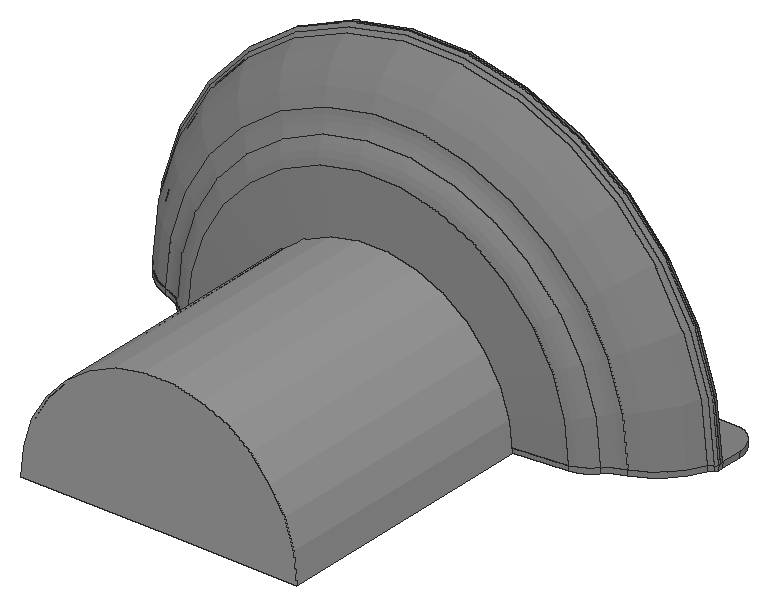
Revit family "Washfountain_3_Staion-Willoughby-WAF-5403-FLR-JR", category Plumbing Fixtures, Revit 2015
Parameters (values of type "Standard")
  water line = Copper
  Waste Connection = no
  Vent Connection = no
  URL = "https://www.willoughby-ind.com/wp-content/uploads/2018/01/WAF-5404.pdf"
  Type Comments = ""
  Solid Surface Sink = Solid Surface Acrylic Resin-Willoughby
  Revision = "A"
  Model = "WAF-5403-FLR-JR"
  Manufacturer = "Willoughby Industries"
  Lav Waste DIA = 1 1/2"
  Lav Waste Connection = yes
  LAV HW DIA = 1/2"
  LAV CW DIA = 1/2"
  HW Connection = yes
  Fixture Body = Stainless Steel AISI 304-Willoughby
  Description = "Floor Mounted 3 Station Washfountain, Floor Mounted, Junior Height"
  Default Elevation = 0' - 0"
  Contact = "(800) 428-4065"
  CW Connection = yes
Reference planes (in)
  plane 1 "Center (Front/Back)Floor HGT": y = 0
  plane 2: z = 0
  plane 3 "Center (Left/Right)": x = 0
  plane 4 "unit body HGT": y = 39
  plane 5: y = 39.5
  plane 6 "Sink HGT": y = 34
  plane 7 "Base HGT": y = 9.5
  plane 8 "Sink Drain": y = 19.5
  plane 9 "Bottom Of Bowl": y = 25.5
  plane 10: x = -6.845
  plane 11: x = 6.845
  plane 12: x = -27
  plane 13: z = 27
  plane 14 "Splash Face": z = 0.5
  plane 15: z = 13.25
  plane 16: x = -13.25
  plane 17: x = 13.25
  plane 18 "Water Supply": y = 18.5
  plane 19 "Hot Supply": x = 4
  plane 20 "Cold Supply": x = 8
  plane 21 "bubbler HGT": y = 35.66
  plane 22: y = 14.75
  plane 23: x = -9.5
  plane 24: x = 9.5
Forms (in)
  Extrusion 1, solid, material "Solid Surface Acrylic Resin-Willoughby" <- "Solid Surface Sink"
    sketch origin (0, 0, 0) x (1, 0, 0) y (0, 1, 0)
      loop
        line (-6.845, 25.5) -> (6.845, 25.5) -> (11.52413, 25.68856)
        arc (11.52413, 25.68856) -> (14.92598, 25.93546) -> (18.30491, 26.40063) r 53.01
        arc (18.30491, 26.40063) -> (19.41375, 26.83168) -> (20.31491, 27.60836) r 3.51
        arc (20.31491, 27.60836) -> (21.16213, 28.2452) -> (22.16491, 28.58836) r 3.38
        arc (22.16491, 28.58836) -> (24.73032, 30.26295) -> (26.40491, 32.82836) r 7.45
        arc (26.40491, 32.82836) -> (26.54572, 33.0411) -> (26.75847, 33.18191) r 0.63983
        arc (26.75847, 33.18191) -> (26.93397, 33.32403) -> (27, 33.54) r 0.38621
        line (27, 33.54) -> (27, 34) -> (27, 36)
        arc (27, 36) -> (26.12132, 38.12132) -> (24, 39) r 3
        line (24, 39) -> (0, 39) -> (-24, 39)
        arc (-24, 39) -> (-26.12132, 38.12132) -> (-27, 36) r 3
        line (-27, 36) -> (-27, 34) -> (-27, 33.54)
        arc (-27, 33.54) -> (-26.93397, 33.32403) -> (-26.75847, 33.18191) r 0.38621
        arc (-26.75847, 33.18191) -> (-26.54572, 33.0411) -> (-26.40491, 32.82836) r 0.63983
        arc (-26.40491, 32.82836) -> (-24.73032, 30.26295) -> (-22.16491, 28.58836) r 7.45
        arc (-22.16491, 28.58836) -> (-21.16213, 28.2452) -> (-20.31491, 27.60836) r 3.38
        arc (-20.31491, 27.60836) -> (-19.41375, 26.83168) -> (-18.30491, 26.40063) r 3.51
        arc (-18.30491, 26.40063) -> (-14.92598, 25.93546) -> (-11.52413, 25.68856) r 53.01
        line (-11.52413, 25.68856) -> (-6.845, 25.5)
    from 0 to 0.5
  Revolve 2, solid, material "Solid Surface Acrylic Resin-Willoughby" <- "Solid Surface Sink"
    sketch origin (0, 0, 0.5) x (1, 0, 0) y (0, 1, 0)
      loop
        line (27, 33.54) -> (27, 33.75)
        arc (27, 33.75) -> (26.92678, 33.92678) -> (26.75, 34) r 0.25
        arc (26.75, 34) -> (26.59277, 33.93487) -> (26.52764, 33.77764) r 0.22236
        arc (26.52764, 33.77764) -> (26.51299, 33.66399) -> (26.43525, 33.57981) r 0.1886
        arc (26.43525, 33.57981) -> (26.14057, 33.33951) -> (25.94132, 33.01566) r 1.13983
        arc (25.94132, 33.01566) -> (24.38046, 30.64844) -> (22.02426, 29.07099) r 7.17314
        arc (22.02426, 29.07099) -> (20.89405, 28.6688) -> (19.94072, 27.94059) r 3.88
        arc (19.94072, 27.94059) -> (19.16738, 27.26699) -> (18.21278, 26.89214) r 3.01
        arc (18.21278, 26.89214) -> (14.86971, 26.4323) -> (11.504, 26.18815) r 52.51
        line (11.504, 26.18815) -> (6.83493, 26) -> (0, 26) -> (0, 25.5) -> (6.845, 25.5) -> (11.52413, 25.68856)
        arc (11.52413, 25.68856) -> (14.92598, 25.93546) -> (18.30491, 26.40063) r 53.01
        arc (18.30491, 26.40063) -> (19.41375, 26.83168) -> (20.31491, 27.60836) r 3.51
        arc (20.31491, 27.60836) -> (21.16213, 28.2452) -> (22.16491, 28.58836) r 3.38
        arc (22.16491, 28.58836) -> (24.71623, 30.27704) -> (26.40491, 32.82836) r 7.67314
        arc (26.40491, 32.82836) -> (26.54572, 33.0411) -> (26.75847, 33.18191) r 0.63983
        arc (26.75847, 33.18191) -> (26.93397, 33.32403) -> (27, 33.54) r 0.38621
      axis (0, 34) -> (0, 25.5)
    angle from 0 to -180
  Extrusion 3, solid, material "Solid Surface Acrylic Resin-Willoughby" <- "Solid Surface Sink", detail levels medium+fine
    sketch origin (0, 39, 0) x (-1, 0, 0) y (0, 0, 1)
      loop
        line (0, 0) -> (6.75, 0) -> (6.75, 1.57) -> (5.04, 7.48)
        arc (5.04, 7.48) -> (4.17688, 8.92892) -> (2.59, 9.5) r 2.5
        line (2.59, 9.5) -> (0, 9.5) -> (-2.59, 9.5)
        arc (-2.59, 9.5) -> (-4.17688, 8.92892) -> (-5.04, 7.48) r 2.5
        line (-5.04, 7.48) -> (-6.75, 1.57) -> (-6.75, 0) -> (0, 0)
    from 0 to 0.5
  Extrusion 4, solid, material "Solid Surface Acrylic Resin-Willoughby" <- "Solid Surface Sink", detail levels medium+fine
    sketch origin (0, 39, 0) x (-1, 0, 0) y (0, 0, 1)
      loop
        line (-6.2697, 1.43103) -> (-6.2697, 0) -> (6.2697, 0) -> (6.2697, 1.43103) -> (4.5597, 7.34103)
        arc (4.5597, 7.34103) -> (3.82653, 8.46933) -> (2.59, 9) r 2.31723
        line (2.59, 9) -> (0, 9) -> (-2.59, 9)
        arc (-2.59, 9) -> (-3.82653, 8.46933) -> (-4.5597, 7.34103) r 2.31723
        line (-4.5597, 7.34103) -> (-6.2697, 1.43103)
    from 0 to -5
  Revolve 5, solid, material "Stainless Steel AISI 304-Willoughby" <- "Fixture Body"
    sketch origin (0, 0, 0) x (1, 0, 0) y (0, 1, 0)
      loop
        line (-13.25, 25.79323) -> (-13.25, 0) -> (0, 0) -> (0, 0.1277) -> (-13.125, 0.1277) -> (-13.125, 25.79323) -> (-13.25, 25.79323)
      axis (0, 25.79323) -> (0, 0)
    angle from 0 to -180
  Revolve 6, solid, material "Stainless Steel AISI 304-Willoughby" <- "Fixture Body", detail levels medium+fine
    sketch origin (0, 19.5, 0) x (-1, 0, 0) y (0, 0, 1)
      loop
        line (0, 0) -> (0.75, 0) -> (0.75, 3) -> (0, 3) -> (0, 0)
      axis (0, 3) -> (0, 0)
    angle from 0 to 360
  Revolve 7, solid, material "Copper" <- "water line", detail levels medium+fine
    sketch origin (0, 18.5, 0) x (-1, 0, 0) y (0, 0, 1)
      loop
        line (-4, 0) -> (-3.75, 0) -> (-3.75, 3) -> (-4, 3) -> (-4, 0)
      axis (-4, 3) -> (-4, 0)
    angle from 0 to 360
  Revolve 8, solid, material "Copper" <- "water line", detail levels medium+fine
    sketch origin (0, 18.5, 0) x (-1, 0, 0) y (0, 0, 1)
      loop
        line (-8, 0) -> (-7.75, 0) -> (-7.75, 3) -> (-8, 3) -> (-8, 0)
      axis (-8, 3) -> (-8, 0)
    angle from 0 to 360
  Revolve 9, solid, material "Stainless Steel AISI 304-Willoughby" <- "Fixture Body", detail levels fine
    sketch origin (0, 35.66, 0) x (-1, 0, 0) y (0, 0, 1)
      loop
        line (0, 9) -> (0.75, 9) -> (0.75, 9.5)
        arc (0.75, 9.5) -> (0.53033, 10.03033) -> (0, 10.25) r 0.75
        line (0, 10.25) -> (0, 9)
      axis (0, 10.25) -> (0, 9)
    angle from 0 to 360
  Revolve 10, solid, material "Stainless Steel AISI 304-Willoughby" <- "Fixture Body", detail levels fine
    sketch origin (0, 0, 0) x (0, 1, 0) y (0, 0, 1)
      loop
        line (34.91, 9.5) -> (35.26355, 9.85355) -> (34.91, 10.20711) -> (34.55645, 9.85355) -> (34.91, 9.5)
      axis (34.91, 10.20711) -> (35.26355, 9.85355)
    angle from 0 to 360
  Revolve 11, solid, material "Stainless Steel AISI 304-Willoughby" <- "Fixture Body", detail levels fine
    sketch origin (-3.23665, 35.66, 1.90529) x (-0.275637, 0, 0.961262) y (0.961262, 0, 0.275637)
      loop
        line (0, 9) -> (0.75, 9) -> (0.75, 9.5)
        arc (0.75, 9.5) -> (0.53033, 10.03033) -> (0, 10.25) r 0.75
        line (0, 10.25) -> (0, 9)
      axis (0, 10.25) -> (0, 9)
    angle from 0 to 360
  Revolve 12, solid, material "Stainless Steel AISI 304-Willoughby" <- "Fixture Body", detail levels fine
    sketch origin (-3.23665, 0, 1.90529) x (0, 1, 0) y (0.961262, 0, 0.275637)
      loop
        line (34.91, 9.5) -> (35.26355, 9.85355) -> (34.91, 10.20711) -> (34.55645, 9.85355) -> (34.91, 9.5)
      axis (34.91, 10.20711) -> (35.26355, 9.85355)
    angle from 0 to 360
  Revolve 13, solid, material "Stainless Steel AISI 304-Willoughby" <- "Fixture Body", detail levels fine
    sketch origin (3.23665, 35.66, 1.90529) x (0.275637, 0, 0.961262) y (-0.961262, 0, 0.275637)
      loop
        line (0, 9) -> (0.75, 9) -> (0.75, 9.5)
        arc (0.75, 9.5) -> (0.53033, 10.03033) -> (0, 10.25) r 0.75
        line (0, 10.25) -> (0, 9)
      axis (0, 10.25) -> (0, 9)
    angle from 0 to 360
  Revolve 14, solid, material "Stainless Steel AISI 304-Willoughby" <- "Fixture Body", detail levels fine
    sketch origin (3.23665, 0, 1.90529) x (0, 1, 0) y (0.961262, 0, -0.275637)
      loop
        line (34.91, -9.5) -> (34.55645, -9.85355) -> (34.91, -10.20711) -> (35.26355, -9.85355) -> (34.91, -9.5)
      axis (34.91, -10.20711) -> (35.26355, -9.85355)
    angle from 0 to 360
Lines and regions (in)
  symbolic lines
    curve 1: line (-13.25, 25.79323, 0) -> (-13.25, 14.74961, 0)
    curve 2: line (-13.25, 14.74961, 0) -> (13.25, 14.74961, 0)
    curve 3: line (13.25, 14.74961, 0) -> (13.25, 25.79323, 0)
    curve 4: arc (13.25, 25.79323, 0) -> (14.81145, 25.92524, 0) -> (16.36623, 26.12076, 0) r 38.45379
    curve 5: arc (16.36623, 26.12076, 0) -> (17.32316, 26.24841, 0) -> (18.27648, 26.40063, 0) r 37.51632
    curve 6: arc (18.27648, 26.40063, 0) -> (19.40672, 26.8171, 0) -> (20.31491, 27.60836, 0) r 3.33054
    curve 7: arc (20.31491, 27.60836, 0) -> (21.16213, 28.2452, 0) -> (22.16491, 28.58836, 0) r 3.38
    curve 8: arc (22.16491, 28.58836, 0) -> (24.71623, 30.27704, 0) -> (26.40491, 32.82836, 0) r 7.67314
    curve 9: arc (26.40491, 32.82836, 0) -> (26.54572, 33.0411, 0) -> (26.75847, 33.18191, 0) r 0.63983
    curve 10: arc (26.75847, 33.18191, 0) -> (26.93397, 33.32403, 0) -> (27, 33.54, 0) r 0.38621
    curve 11: line (27, 33.54, 0) -> (27, 33.75, 0)
    curve 12: arc (27, 33.75, 0) -> (26.92678, 33.92678, 0) -> (26.75, 34, 0) r 0.25
    curve 14: line (-27, 33.75, 0) -> (-27, 33.54, 0)
    curve 15: arc (-27, 33.54, 0) -> (-26.93397, 33.32403, 0) -> (-26.75847, 33.18191, 0) r 0.38621
    curve 16: arc (-26.75847, 33.18191, 0) -> (-26.54572, 33.0411, 0) -> (-26.40491, 32.82836, 0) r 0.63983
    curve 17: arc (-26.40491, 32.82836, 0) -> (-24.71623, 30.27704, 0) -> (-22.16491, 28.58836, 0) r 7.67314
    curve 18: arc (-22.16491, 28.58836, 0) -> (-21.16213, 28.2452, 0) -> (-20.31491, 27.60836, 0) r 3.38
    curve 19: arc (-20.31491, 27.60836, 0) -> (-19.41375, 26.83168, 0) -> (-18.30491, 26.40063, 0) r 3.51
    curve 20: arc (-18.30491, 26.40063, 0) -> (-15.78528, 26.03184, 0) -> (-13.25, 25.79323, 0) r 49.45833
    curve 21: line (-13.25, 25.79323, 0) -> (13.25, 25.79323, 0)
    curve 22: line (-27, 33.75, 0) -> (-27, 36, 0)
    curve 23: arc (-27, 36, 0) -> (-26.12132, 38.12132, 0) -> (-24, 39, 0) r 3
    curve 24: line (-24, 39, 0) -> (24, 39, 0)
    curve 25: arc (24, 39, 0) -> (26.12132, 38.12132, 0) -> (27, 36, 0) r 3
    curve 26: line (27, 36, 0) -> (27, 33.75, 0)
    curve 29: line (6.2697, 39, 0) -> (6.75, 39, 0)
    curve 30: line (6.75, 39.5, 0) -> (-6.75, 39.5, 0)
    curve 31: line (-6.75, 39.5, 0) -> (-6.75, 39, 0)
    curve 36: line (0, 14.74961, 0) -> (0, 14.74961, 13.25)
    curve 37: line (0, 14.74961, 13.25) -> (0, 25.75, 13.25)
    curve 38: arc (0, 25.75, 13.25) -> (0, 26.01168, 16.03491) -> (0, 26.40063, 18.80491) r 61.05831
    curve 39: arc (0, 26.40063, 18.80491) -> (0, 26.81192, 19.92562) -> (0, 27.60836, 20.81491) r 3.17176
    curve 40: arc (0, 27.60836, 20.81491) -> (0, 28.24513, 21.66216) -> (0, 28.58836, 22.66491) r 3.38151
    curve 41: arc (0, 28.58836, 22.66491) -> (0, 30.28272, 25.21633) -> (0, 32.83523, 26.90905) r 7.72708
    curve 42: arc (0, 32.83523, 26.90905) -> (0, 33.01009, 27.01646) -> (0, 33.14079, 27.17468) r 0.6256
    curve 43: arc (0, 33.14079, 27.17468) -> (0, 33.17429, 27.23751) -> (0, 33.20318, 27.30258) r 0.99038
    curve 44: arc (0, 33.20318, 27.30258) -> (0, 33.34154, 27.44497) -> (0, 33.53222, 27.50029) r 0.38807
    curve 45: line (0, 33.53222, 27.50029) -> (0, 33.76887, 27.50029)
    curve 46: arc (0, 33.76887, 27.50029) -> (0, 33.93547, 27.41789) -> (0, 34, 27.24359) r 0.25151
    curve 47: line (0, 34, 27.24359) -> (0, 34, 0.5)
    curve 48: line (0, 34, 0.5) -> (0, 39, 0.5)
    curve 49: line (0, 39, 0.5) -> (0, 39, 0)
    curve 50: line (0, 39, 0) -> (0, 14.74961, 0)
    curve 51: line (0, 25.5, 0) -> (0, 25.5, 7.345)
    curve 52: arc (0, 25.5, 7.345) -> (0, 25.60809, 10.29822) -> (0, 25.75, 13.25) r 257.93764
    curve 58: line (27, 35.66, 0) -> (27, 35.66, 0.5)
    curve 60: line (-27, 35.66, 0.5) -> (-27, 35.66, 0)
    curve 61: line (-27, 35.66, 0) -> (27, 35.66, 0)
    curve 62: arc (27, 35.66, 0.5) -> (0, 35.66, 27.5) -> (-27, 35.66, 0.5) r 27
    curve 70: line (6.75, 39.5, 0) -> (6.75, 39, 0)
    curve 71: line (-10.5, 14.74961, 0) -> (-10.5, 0, 0)
    curve 72: line (-10.5, 0, 0) -> (10.5, 0, 0)
    curve 73: line (10.5, 0, 0) -> (10.5, 14.74961, 0)
    curve 74: line (9.5, 14.74961, 0) -> (9.5, 0, 0)
    curve 75: line (-9.5, 14.74961, 0) -> (-9.5, 0, 0)
    curve 76: line (0, 14.74961, 9.5) -> (0, 0, 9.5)
    curve 77: line (0, 0, 9.5) -> (0, 0, 0)
    curve 78: line (0, 0, 0) -> (0, 14.74961, 0)
  symbolic lines, detail levels medium+fine
    curve 13: arc (-26.75, 34, 0) -> (-26.92678, 33.92678, 0) -> (-27, 33.75, 0) r 0.25
    curve 34: line (-26.75, 34, 0) -> (26.75, 34, 0)
    curve 35: arc (26.75, 34, 0) -> (26.92678, 33.92678, 0) -> (27, 33.75, 0) r 0.25
    curve 59: line (27, 35.66, 0.5) -> (-27, 35.66, 0.5)
  symbolic lines, detail levels fine
    curve 27: line (-6.2697, 34, 0) -> (-6.2697, 39, 0)
    curve 28: line (6.2697, 39, 0) -> (6.2697, 34, 0)
    curve 32: line (-2.61165, 34, 0) -> (-2.61165, 39, 0)
    curve 33: line (2.59, 34, 0) -> (2.59, 39, 0)
    curve 53: line (0, 39, 9.5) -> (0, 39.5, 9.5)
    curve 54: line (0, 39.5, 9.5) -> (0, 39.5, 0)
    curve 55: line (0, 39.5, 0) -> (0, 39, 0)
    curve 56: line (0, 39, 9.5) -> (0, 39, 0)
    curve 57: line (0, 34, 9) -> (0, 39, 9)
    curve 63: line (6.75, 35.66, 0.5) -> (6.75, 35.66, 1.57)
    curve 64: line (6.75, 35.66, 1.57) -> (5.04, 35.66, 7.48)
    curve 65: arc (5.04, 35.66, 7.48) -> (4.17688, 35.66, 8.92892) -> (2.59, 35.66, 9.5) r 2.5
    curve 66: line (2.59, 35.66, 9.5) -> (-2.59, 35.66, 9.5)
    curve 67: arc (-2.59, 35.66, 9.5) -> (-4.17768, 35.66, 8.92988) -> (-5.04, 35.66, 7.48) r 2.49577
    curve 68: line (-5.04, 35.66, 7.48) -> (-6.75, 35.66, 1.57)
    curve 69: line (-6.75, 35.66, 1.57) -> (-6.75, 35.66, 0)
Dimensions and locks (in)
  equal spacing: plane 10, plane 3 "Center (Left/Right)", plane 11
  plane 10 to plane 11 = 1' - 1.69"
  plane 12 to plane 3 "Center (Left/Right)" = 2' - 3"
  plane 1 "Center (Front/Back)Floor HGT" to plane 22 = 1' - 2 3/4"
  plane 1 "Center (Front/Back)Floor HGT" to plane 9 "Bottom Of Bowl" = 2' - 1 1/2"
  plane 1 "Center (Front/Back)Floor HGT" to plane 5 = 3' - 3 1/2"
  plane 1 "Center (Front/Back)Floor HGT" to plane 4 "unit body HGT" = 3' - 3"
  plane 1 "Center (Front/Back)Floor HGT" to plane 6 "Sink HGT" = 2' - 10"
  plane 23 to plane 24 = 1' - 7"
  plane 16 to plane 17 = 2' - 2 1/2"
  Extrusion 1 to Extrusion 1 = 4' - 6"
  aligned and locked: Revolve 5 sketch curve to Revolve 5 sketch curve  (x3)
  aligned and locked: Revolve 6 sketch curve to Revolve 6 sketch curve
  aligned and locked: Revolve 7 sketch curve to Revolve 7 sketch curve  (x2)
  aligned and locked: Revolve 8 sketch curve to Revolve 8 sketch curve  (x2)
  aligned and locked: Revolve 10 sketch curve to Revolve 10 sketch curve  (x3)
  aligned and locked: Revolve 12 sketch curve to Revolve 12 sketch curve  (x3)
  aligned and locked: Revolve 14 sketch curve to Revolve 14 sketch curve  (x3)
  aligned and locked: curve 56 to Extrusion 3
  aligned and locked: curve 70 to Extrusion 3
Automatic sketch dimensions
  Extrusion 1 sketch curve to plane 12 = 0' - 0"
  Extrusion 1 sketch curve to plane 4 "unit body HGT" = 0' - 0"
  Extrusion 1 sketch curve to plane 9 "Bottom Of Bowl" = 0' - 0"
  Extrusion 1 sketch curve to plane 10 = 0' - 0"
  Extrusion 1 sketch curve to plane 3 "Center (Left/Right)" = 0' - 0"
  Extrusion 1 sketch curve to plane 11 = 0' - 0"
  Extrusion 1 sketch curve to plane 6 "Sink HGT" = 0' - 0"  (x2)
  Extrusion 1 sketch curve to plane 12 = 0' - 0.00185"
  Extrusion 1 sketch curve to Extrusion 1 sketch curve = 0' - 0.38621"  (x2)
  plane 21 "bubbler HGT" to Extrusion 1 sketch curve = 0' - 0.34"
  Extrusion 1 sketch curve to plane 9 "Bottom Of Bowl" = 0' - 0.24161"  (x2)
  Extrusion 1 sketch curve to plane 12 = 0' - 4.25567"
  Extrusion 1 sketch curve to plane 21 "bubbler HGT" = 0' - 0.12911"  (x2)
  Extrusion 1 sketch curve to Extrusion 1 sketch curve = 0' - 4.53762"  (x2)
  plane 16 to Extrusion 1 sketch curve = 0' - 4.35597"
  plane 9 "Bottom Of Bowl" to Extrusion 1 sketch curve = 0' - 0.18856"  (x2)
  Extrusion 1 sketch curve to plane 16 = 0' - 1.72587"
  plane 10 to Extrusion 1 sketch curve = 0' - 2.54468"
  Extrusion 1 sketch curve to plane 20 "Cold Supply" = 0' - 1.38968"
  plane 17 to Extrusion 1 sketch curve = 0' - 1.72587"
  Extrusion 1 sketch curve to plane 17 = 0' - 4.35597"
  Extrusion 1 sketch curve to Extrusion 1 sketch curve = 0' - 1.85641"
  Extrusion 1 sketch curve to Extrusion 1 sketch curve = 0' - 5.13836"
  Extrusion 1 sketch curve to plane 6 "Sink HGT" = 0' - 0.46"  (x2)
  Extrusion 1 sketch curve to Extrusion 1 sketch curve = 0' - 2.61379"
  Extrusion 1 sketch curve to Extrusion 1 sketch curve = 0' - 0.38436"
  Extrusion 1 sketch curve to plane 6 "Sink HGT" = 0' - 4.15967"  (x2)
  Extrusion 1 sketch curve to Extrusion 1 sketch curve = 0' - 0.95132"
  Extrusion 1 sketch curve to plane 6 "Sink HGT" = 0' - 1.41132"
  plane 5 to Extrusion 1 sketch curve = 3' - 3.15557"
  Extrusion 1 sketch curve to Extrusion 1 sketch curve = 0' - 0"  (x2)
  Extrusion 1 sketch curve to Extrusion 1 sketch curve = 0' - 0.35355"  (x2)
  plane 9 "Bottom Of Bowl" to Extrusion 1 sketch curve = 0' - 3.08836"
  Extrusion 1 sketch curve to Extrusion 1 sketch curve = 0' - 1.85"  (x2)
  plane 9 "Bottom Of Bowl" to Extrusion 1 sketch curve = 0' - 0.90063"
  plane 9 "Bottom Of Bowl" to Extrusion 1 sketch curve = 0' - 2.10836"
  Revolve 2 sketch curve to Revolve 2 sketch curve = 0' - 0"  (x13)
  Revolve 2 sketch curve to plane 3 "Center (Left/Right)" = 0' - 0"  (x2)
  Revolve 2 sketch curve to plane 9 "Bottom Of Bowl" = 0' - 0"  (x2)
  Revolve 2 sketch curve to plane 11 = 0' - 0"
  Revolve 2 sketch curve to plane 6 "Sink HGT" = 0' - 0"  (x2)
  plane 11 to Revolve 2 sketch curve = 0' - 0.01007"
  Revolve 2 sketch curve to plane 20 "Cold Supply" = 0' - 1.38968"
  plane 9 "Bottom Of Bowl" to Revolve 2 sketch curve = 0' - 0.68815"
  plane 17 to Revolve 2 sketch curve = 0' - 1.746"
  plane 9 "Bottom Of Bowl" to Revolve 2 sketch curve = 0' - 0.18856"
  Revolve 2 sketch curve to Revolve 2 sketch curve = 0' - 0.02013"
  Revolve 2 sketch curve to plane 17 = 0' - 4.35597"
  plane 21 "bubbler HGT" to Revolve 2 sketch curve = 0' - 0.04277"
  Revolve 2 sketch curve to plane 17 = 0' - 6.04051"
  Revolve 2 sketch curve to plane 9 "Bottom Of Bowl" = 0' - 0.24161"
  Revolve 2 sketch curve to Revolve 2 sketch curve = 0' - 5.13836"
  Revolve 2 sketch curve to plane 6 "Sink HGT" = 0' - 0.2562"
  Revolve 2 sketch curve to Revolve 2 sketch curve = 0' - 7.0516"
  Revolve 2 sketch curve to Revolve 2 sketch curve = 0' - 0.27168"
  Revolve 2 sketch curve to Revolve 2 sketch curve = 0' - 0.13621"
  Revolve 2 sketch curve to Revolve 2 sketch curve = 0' - 0.38436"
  Revolve 2 sketch curve to Revolve 2 sketch curve = 0' - 0 1/4"
  plane 9 "Bottom Of Bowl" to Revolve 2 sketch curve = 0' - 0 1/2"
  Revolve 2 sketch curve to plane 6 "Sink HGT" = 0' - 4.15967"
  Revolve 2 sketch curve to Revolve 2 sketch curve = 0' - 1.16132"
  Revolve 2 sketch curve to Revolve 2 sketch curve = 0' - 0.21"
  Revolve 2 sketch curve to Revolve 2 sketch curve = 0' - 0.02764"
  plane 5 to Revolve 2 sketch curve = 3' - 3.15557"
  plane 9 "Bottom Of Bowl" to Revolve 2 sketch curve = 0' - 1.39214"
  Revolve 2 sketch curve to Revolve 2 sketch curve = 0' - 0.09213"
  Revolve 2 sketch curve to Revolve 2 sketch curve = 0' - 1.72794"
  Revolve 2 sketch curve to Revolve 2 sketch curve = 0' - 0.37419"
  Revolve 2 sketch curve to Revolve 2 sketch curve = 0' - 1.70935"
  Revolve 2 sketch curve to Revolve 2 sketch curve = 0' - 0.14065"
  Extrusion 3 sketch curve to level = 0' - 0"
  Extrusion 3 sketch curve to plane 3 "Center (Left/Right)" = 0' - 0"  (x2)
  plane 19 "Hot Supply" to Extrusion 3 sketch curve = 0' - 1.41349"
  plane 19 "Hot Supply" to Extrusion 3 sketch curve = 0' - 1.41"
  Extrusion 3 sketch curve to plane 19 "Hot Supply" = 0' - 1.04"
  plane 11 to Extrusion 3 sketch curve = 0' - 0.095"
  Extrusion 3 sketch curve to plane 3 "Center (Left/Right)" = 0' - 2.58651"
  Extrusion 3 sketch curve to Extrusion 3 sketch curve = 0' - 0.00349"
  Extrusion 3 sketch curve to plane 10 = 0' - 1.805"
  Extrusion 3 sketch curve to plane 10 = 0' - 0.095"
  plane 14 "Splash Face" to Extrusion 3 sketch curve = 0' - 1.07"  (x2)
  Extrusion 3 sketch curve to plane 15 = 0' - 6 1/4"
  Extrusion 3 sketch curve to Extrusion 3 sketch curve = 0' - 0"
  Extrusion 3 sketch curve to Extrusion 3 sketch curve = 0' - 0.48"
  Extrusion 4 sketch curve to level = 0' - 0"
  Extrusion 4 sketch curve to plane 3 "Center (Left/Right)" = 0' - 0"
  plane 19 "Hot Supply" to Extrusion 4 sketch curve = 0' - 1.66623"
  plane 19 "Hot Supply" to Extrusion 4 sketch curve = 0' - 1.41"
  Extrusion 4 sketch curve to plane 19 "Hot Supply" = 0' - 0.5597"
  plane 11 to Extrusion 4 sketch curve = 0' - 0.5753"
  Extrusion 4 sketch curve to plane 3 "Center (Left/Right)" = 0' - 2.33377"
  Extrusion 4 sketch curve to Extrusion 4 sketch curve = 0' - 0.25623"
  Extrusion 4 sketch curve to plane 10 = 0' - 2.2853"
  Extrusion 4 sketch curve to plane 10 = 0' - 0.5753"
  plane 14 "Splash Face" to Extrusion 4 sketch curve = 0' - 0.93103"  (x2)
  plane 14 "Splash Face" to Extrusion 4 sketch curve = 0' - 6.19698"
  Extrusion 4 sketch curve to Extrusion 4 sketch curve = 0' - 0"
  Extrusion 4 sketch curve to Extrusion 4 sketch curve = 0' - 0.64405"
  Revolve 6 sketch curve to level = 0' - 0"  (x2)
  Revolve 6 sketch curve to plane 3 "Center (Left/Right)" = 0' - 0"
  Revolve 6 sketch curve to Revolve 6 sketch curve = 0' - 0 3/4"
  plane 14 "Splash Face" to Revolve 6 sketch curve = 0' - 2 1/2"
  Revolve 6 sketch curve to Revolve 6 sketch curve = 0' - 0"
  Revolve 7 sketch curve to level = 0' - 0"  (x2)
  plane 19 "Hot Supply" to Revolve 7 sketch curve = 0' - 0"
  plane 19 "Hot Supply" to Revolve 7 sketch curve = 0' - 0 1/4"
  plane 14 "Splash Face" to Revolve 7 sketch curve = 0' - 2 1/2"
  Revolve 8 sketch curve to level = 0' - 0"  (x2)
  plane 20 "Cold Supply" to Revolve 8 sketch curve = 0' - 0"
  plane 20 "Cold Supply" to Revolve 8 sketch curve = 0' - 0 1/4"
  plane 14 "Splash Face" to Revolve 8 sketch curve = 0' - 2 1/2"
  Revolve 9 sketch curve to plane 3 "Center (Left/Right)" = 0' - 0"  (x2)
  Revolve 9 sketch curve to Revolve 9 sketch curve = 0' - 0 3/4"
  Revolve 9 sketch curve to plane 15 = 0' - 4 1/4"
  Revolve 9 sketch curve to Revolve 9 sketch curve = 0' - 0 1/2"
  Revolve 9 sketch curve to Revolve 9 sketch curve = 0' - 0"  (x2)
  plane 6 "Sink HGT" to Revolve 10 sketch curve = 0' - 0.55645"
  Revolve 10 sketch curve to Revolve 10 sketch curve = 0' - 0.35355"  (x3)
  Revolve 10 sketch curve to plane 15 = 0' - 3 3/4"
  Revolve 11 sketch curve to plane 19 "Hot Supply" = 0' - 1.4147"
  plane 14 "Splash Face" to Revolve 11 sketch curve = 0' - 3.88603"
  Revolve 11 sketch curve to Revolve 11 sketch curve = 0' - 0 3/4"
  Revolve 11 sketch curve to Revolve 11 sketch curve = 0' - 0 1/2"
  Revolve 11 sketch curve to Revolve 11 sketch curve = 0' - 0"  (x3)
  plane 6 "Sink HGT" to Revolve 12 sketch curve = 0' - 0.55645"
  Revolve 12 sketch curve to Revolve 12 sketch curve = 0' - 0.35355"  (x3)
  plane 10 to Revolve 13 sketch curve = 0' - 1.4303"
  Revolve 13 sketch curve to plane 14 "Splash Face" = 0' - 3.88603"
  Revolve 13 sketch curve to Revolve 13 sketch curve = 0' - 0 3/4"
  Revolve 13 sketch curve to Revolve 13 sketch curve = 0' - 0 1/2"
  Revolve 13 sketch curve to Revolve 13 sketch curve = 0' - 0"  (x3)
  plane 6 "Sink HGT" to Revolve 14 sketch curve = 0' - 0.55645"
  Revolve 14 sketch curve to Revolve 14 sketch curve = 0' - 0.35355"  (x3)
  curve 58 to plane 14 "Splash Face" = 0' - 0"
  curve 61 to level = 0' - 0"
  curve 62 to plane 3 "Center (Left/Right)" = 0' - 0"
  plane 19 "Hot Supply" to curve 65 = 0' - 1.41349"
  plane 19 "Hot Supply" to curve 66 = 0' - 1.41"
  curve 64 to plane 19 "Hot Supply" = 0' - 1.04"
  plane 11 to curve 64 = 0' - 0.095"
  curve 58 to plane 17 = 1' - 1 3/4"
  curve 66 to plane 3 "Center (Left/Right)" = 0' - 2.59"
  curve 68 to plane 10 = 0' - 1.805"
  plane 14 "Splash Face" to curve 63 = 0' - 1.07"
  curve 65 to plane 15 = 0' - 6 1/4"
  curve 65 to curve 67 = 0' - 0.00423"
  curve 65 to curve 64 = 0' - 0.48"
  curve 69 to plane 10 = 0' - 0.095"
  plane 14 "Splash Face" to curve 69 = 0' - 1.07"
  curve 13 to plane 6 "Sink HGT" = 0' - 0"
  curve 24 to plane 4 "unit body HGT" = 0' - 0"
  curve 21 to plane 16 = 0' - 0"
  plane 1 "Center (Front/Back)Floor HGT" to curve 72 = 0' - 0"
  curve 30 to plane 5 = 0' - 0"
  curve 29 to plane 4 "unit body HGT" = 0' - 0"
  curve 74 to plane 24 = 0' - 0"
  curve 3 to plane 17 = 0' - 0"
  plane 16 to curve 19 = 0' - 4.35597"
  plane 21 "bubbler HGT" to curve 17 = 0' - 0.04277"
  plane 16 to curve 17 = 0' - 6.04051"
  curve 18 to plane 9 "Bottom Of Bowl" = 0' - 0.24161"
  curve 18 to curve 19 = 0' - 5.13836"
  plane 21 "bubbler HGT" to curve 23 = 0' - 0.34"
  curve 23 to curve 17 = 0' - 4.70949"
  curve 15 to curve 15 = 0' - 0.38621"
  curve 13 to curve 34 = 0' - 0 1/4"
  curve 15 to curve 16 = 0' - 0.00185"
  curve 72 to curve 75 = 0' - 1"
  plane 23 to curve 20 = 0' - 0.38483"
  curve 30 to plane 10 = 0' - 0.095"
  curve 72 to plane 24 = 0' - 1"
  curve 4 to plane 24 = 0' - 1.29194"
  curve 4 to curve 5 = 0' - 1.09282"
  curve 6 to plane 17 = 0' - 4.45905"
  plane 21 "bubbler HGT" to curve 8 = 0' - 0.04277"
  curve 8 to plane 17 = 0' - 6.04051"
  curve 7 to plane 9 "Bottom Of Bowl" = 0' - 0.24161"
  curve 6 to curve 7 = 0' - 5.03528"
  plane 21 "bubbler HGT" to curve 25 = 0' - 0.34"
  curve 8 to curve 25 = 0' - 4.70949"
  curve 10 to curve 10 = 0' - 0.38621"
  curve 35 to curve 11 = 0' - 0 1/4"
  curve 9 to curve 10 = 0' - 0.00185"
  curve 1 to plane 22 = 0' - 0.00039"
  plane 9 "Bottom Of Bowl" to curve 21 = 0' - 0.29323"
  plane 9 "Bottom Of Bowl" to curve 6 = 0' - 4.18248"
  curve 19 to plane 6 "Sink HGT" = 0' - 4.15967"
  curve 9 to curve 35 = 0' - 1.16132"
  curve 16 to curve 13 = 0' - 1.16132"
  curve 14 to curve 13 = 0' - 0.21"
  curve 10 to curve 35 = 0' - 0.21"
  plane 5 to curve 5 = 1' - 11.86845"
  curve 5 to curve 4 = 0' - 0.79992"
  curve 4 to curve 20 = 0' - 10.96857"
  plane 9 "Bottom Of Bowl" to curve 20 = 0' - 0.90063"
  plane 9 "Bottom Of Bowl" to curve 19 = 0' - 2.10836"
  curve 18 to curve 19 = 0' - 1.85"
  curve 16 to curve 17 = 0' - 0"
  curve 31 to curve 27 = 0' - 0.4803"
  curve 32 to plane 3 "Center (Left/Right)" = 0' - 2.61165"
  plane 19 "Hot Supply" to curve 33 = 0' - 1.41"
  plane 11 to curve 28 = 0' - 0.5753"
  plane 9 "Bottom Of Bowl" to curve 4 = 0' - 0.62076"
  curve 6 to curve 5 = 0' - 0"
  plane 9 "Bottom Of Bowl" to curve 7 = 0' - 2.10836"
  curve 6 to curve 7 = 0' - 1.85"
  curve 9 to curve 8 = 0' - 0"
  curve 77 to plane 1 "Center (Front/Back)Floor HGT" = 0' - 0"
  curve 37 to plane 15 = 0' - 0"
  curve 36 to level = 0' - 0"
  curve 51 to plane 9 "Bottom Of Bowl" = 0' - 0"
  curve 48 to plane 6 "Sink HGT" = 0' - 0"
  curve 54 to plane 5 = 0' - 0"
  curve 49 to plane 14 "Splash Face" = 0' - 0"
  curve 37 to plane 22 = 0' - 0.00039"
  curve 40 to plane 9 "Bottom Of Bowl" = 0' - 0.24301"
  curve 52 to curve 37 = 0' - 0 1/4"
  plane 9 "Bottom Of Bowl" to curve 39 = 0' - 4.03065"
  plane 13 to curve 43 = 0' - 0.67166"
  curve 43 to plane 6 "Sink HGT" = 0' - 1.71586"
  curve 43 to curve 42 = 0' - 0.31552"
  curve 45 to plane 6 "Sink HGT" = 0' - 0.46778"
  plane 13 to curve 44 = 0' - 0.11233"
  curve 44 to curve 44 = 0' - 0.00919"
  curve 44 to curve 46 = 0' - 0.20715"
  curve 45 to plane 6 "Sink HGT" = 0' - 0.23113"
  plane 21 "bubbler HGT" to curve 41 = 0' - 0.08484"
  curve 38 to plane 15 = 0' - 4.3181"
  plane 5 to curve 38 = 3' - 11.15542"
  curve 52 to level = 0' - 0.61232"
  curve 38 to curve 52 = 16' - 4.65944"
  curve 56 to plane 15 = 0' - 3 3/4"
  curve 77 to plane 15 = 0' - 3 3/4"
  plane 15 to curve 39 = 0' - 5.04205"
  curve 39 to curve 41 = 0' - 1.45866"
  curve 40 to plane 13 = 0' - 3.75493"
  plane 13 to curve 47 = 0' - 0.24359"
  curve 44 to curve 46 = 0' - 0.13728"
  curve 42 to curve 43 = 0' - 0.18305"
  curve 39 to curve 38 = 0' - 0"
  plane 9 "Bottom Of Bowl" to curve 39 = 0' - 2.10836"
  curve 40 to curve 41 = 0' - 0.98"
  curve 42 to curve 41 = 0' - 0"
  curve 43 to curve 42 = 0' - 0"
  curve 57 to plane 15 = 0' - 4 1/4"
  curve 75 to plane 23 = 0' - 0"
  Revolve 5 sketch curve to plane 16 = 0' - 0"
  Revolve 5 sketch curve to plane 3 "Center (Left/Right)" = 0' - 0"
  Revolve 5 sketch curve to plane 16 = 0' - 0 1/8"
  Revolve 5 sketch curve to plane 22 = 1' - 2.6223"
  plane 9 "Bottom Of Bowl" to Revolve 5 sketch curve = 0' - 0.29323"
  plane 1 "Center (Front/Back)Floor HGT" to Revolve 5 sketch curve = 0' - 0"
Connectors (in)
  piping at (4, 18.5, 0), diameter 0.5, driven by "LAV HW DIA", driven by "HW Connection"
    settings: on Revolve 7, index 2, connector inside diameter 24", connector length 0' - 0", flow factor 0, pipe flow 0 GPM, pressure drop 0.00 psi, fitting loss kfactor 0, connector angle 0.00°, fixture units 0, engagement length 0' - 0", angle of deflection 0.00°, flow configuration 0, flow direction 1, fitting loss method 0, system type 19, joint type 0, gender type 0, connector reference index -1, connector utility 1, adjustable connector no, is connector primary yes, connector description "Hot Water Inlet"
  piping at (8, 18.5, 0), diameter 0.5, driven by "LAV CW DIA", driven by "CW Connection"
    settings: on Revolve 8, index 3, connector inside diameter 24", connector length 0' - 0", flow factor 0, pipe flow 0 GPM, pressure drop 0.00 psi, fitting loss kfactor 0, connector angle 0.00°, fixture units 0, engagement length 0' - 0", angle of deflection 0.00°, flow configuration 0, flow direction 1, fitting loss method 0, system type 20, joint type 0, gender type 0, connector reference index -1, connector utility 1, adjustable connector no, is connector primary no, connector description "Cold Waster inlet"
  piping at (0, 19.5, 0), diameter 1.5, driven by "Lav Waste DIA", driven by "Lav Waste Connection"
    settings: on Revolve 6, index 4, connector inside diameter 24", connector length 0' - 0", flow factor 0, pipe flow 0 GPM, pressure drop 0.00 psi, fitting loss kfactor 0, connector angle 0.00°, fixture units 0, engagement length 0' - 0", angle of deflection 0.00°, flow configuration 0, flow direction 2, fitting loss method 0, system type 16, joint type 0, gender type 0, connector reference index -1, connector utility 1, adjustable connector no, is connector primary no, connector description "Sink Waste"
